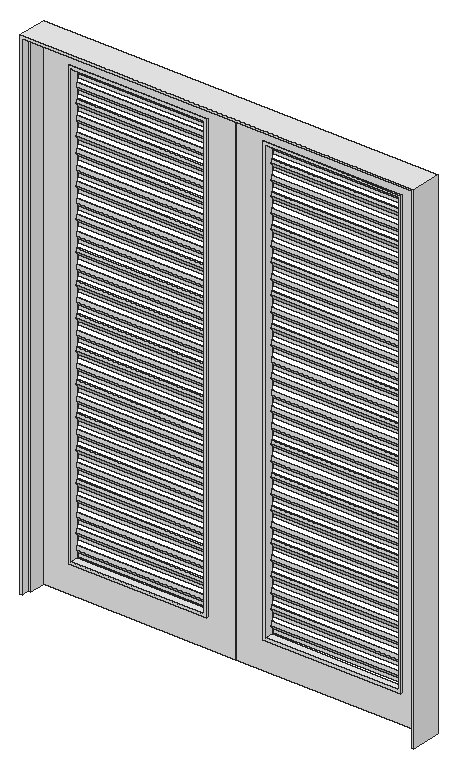
Revit family "DSP_A3-Full-Transformer-Door", category Doors, host Wall, Revit 2016
Family settings
  Host = Wall
  Always vertical = Yes
  Cut with Voids When Loaded = No
  Shared = No
  Room Calculation Point = No
Parameters (values of type "Transormer Door")
  Panel Width = (Width / 2) - 10 mm  # 790 mm
  Panel Material = Aluminum Panel
  Panel Height = Height - 10 mm  # 2022 mm
  Louvre Material = Aluminum Panel
  Height = 2032 mm
  Wall Closure = By host
  Width = 1600 mm
  Function = Interior
  Frame Material = Steel
  Assembly Code = "B2030900"
Reference planes
  plane 1 "Center": y = 0
  plane 2 "Center (Left/Right)": x = 0
  plane 3 "Left": x = -800
  plane 4 "Right": x = 800
  plane 5: z = 2032
  plane 6 "Exterior": y = 75
  plane 7 "Interior": y = -75
  plane 8: y = 30
  plane 9: y = 45
  plane 10: x = 790
  plane 11: x = -790
  plane 12: x = 395
  plane 13: x = -395
Forms (mm)
  Sweep 1, solid, material "Steel" <- "Frame Material"
    path origin (0, 0, 0) x (1, 0, 0) y (0, 0, 1)
      loop
        line (800, 0) -> (800, 2032) -> (-800, 2032) -> (-800, 0)
    profile origin (0, 0, 2032) x (0, 0, -1) y (0, -1, 0)
      loop
        line (0, -60) -> (10, -60) -> (10, -30) -> (20, -30) -> (20, 30) -> (10, 30) -> (10, 60) -> (0, 60) -> (0, -60)
Lines and regions (mm)
  Opening 1
    outline origin (-3050, -75, 0) x (1, 0, 0) y (0, 0, 1)
      loop
        line (2250, 0) -> (3850, 0) -> (3850, 2032) -> (2250, 2032) -> (2250, 0)
  symbolic lines, style "DoorsPanelProjection"
    curve 1: line (-790, 55, 0) -> (-790, 843.424, 0)
    curve 5: line (790, 55, 0) -> (790, 843.424, 0)
  symbolic lines, style "DoorsPanelProjection", detail levels medium+fine
    curve 2: line (-790, 843.424, 0) -> (-750, 843.424, 0)
    curve 3: line (-750, 843.424, 0) -> (-750, 35, 0)
    curve 6: line (790, 843.424, 0) -> (750, 843.424, 0)
    curve 7: line (750, 843.424, 0) -> (750, 35, 0)
  symbolic lines, style "Plan Swing"
    curve 4: arc (-1.576, 55, 0) -> (-232.5, 612.5, 0) -> (-790, 843.424, 0) r 788.424
    curve 8: arc (1.576, 55, 0) -> (232.5, 612.5, 0) -> (790, 843.424, 0) r 788.424
  symbolic lines, style "Elevation Swing"
    curve 9: line (790, 0, 2022) -> (0, 0, 1011)
    curve 10: line (0, 0, 1011) -> (790, 0, 0)
    curve 11: line (-790, 0, 2022) -> (0, 0, 1011)
    curve 12: line (-790, 0, 0) -> (0, 0, 1011)
Text (mm)
  text "Exterior" at (-2295.016, 1099.543, 0), in view "Ref. Level"
  text "Exterior" at (0, 1615.38, 3698.081), in view "Left"
  text "Exterior" at (0, 1036.032, 3874.932), in view "Right"
Dimensions and locks
  equal spacing: plane 3 "Left", plane 2 "Center (Left/Right)", plane 4 "Right"
  "Width": plane 3 "Left" to plane 4 "Right"
  "Height": plane 5 to host wall
  locked: plane 6 "Exterior" to host wall at 0
  locked: plane 7 "Interior" to host wall
  locked: Sweep 1 sketch curve to Sweep 1 sketch curve at 30  (x2)
  locked: Sweep 1 sketch curve to Sweep 1 sketch curve at 10  (x2)
  locked: Sweep 1 sketch curve to Sweep 1 sketch curve at 60
  locked: plane 1 "Center" to plane 8 at 30
  locked: plane 8 to plane 9 at 15
  locked: plane 3 "Left" to plane 11 at 10
  locked: plane 10 to plane 4 "Right" at 10
  equal spacing: plane 2 "Center (Left/Right)", plane 12, plane 10
  equal spacing: plane 11, plane 13, plane 2 "Center (Left/Right)"
  aligned and locked: plane 3 "Left" to Opening 1 sketch curve
  aligned and locked: plane 5 to Opening 1 sketch curve  (x2)
  aligned and locked: Opening 1 sketch curve to plane 4 "Right"
  aligned and locked: Opening 1 sketch curve to level
  aligned and locked: plane 1 "Center" to host wall
  aligned and locked: level to Sweep 1 sketch curve  (x2)
  aligned and locked: plane 5 to Sweep 1 sketch curve
  aligned and locked: plane 4 "Right" to Sweep 1 sketch curve
  aligned and locked: Sweep 1 sketch curve to plane 3 "Left"
  aligned and locked: Sweep 1 sketch curve to profile plane
  aligned and locked: Sweep 1 sketch curve to Sweep 1 sketch curve
  aligned and locked: nested 1 to plane 9
  aligned and locked: nested 2 to plane 9
  aligned and locked: nested 2 to plane 13
  aligned and locked: nested 1 to plane 12
  aligned and locked: curve 1 to curve 4
  aligned and locked: curve 5 to curve 8
Automatic sketch dimensions
  Sweep 1 sketch curve to plane 1 "Center" = 60 mm
  curve 1 to plane 11 = 0 mm
  curve 5 to plane 10 = 0 mm
  curve 4 to curve 3 = 40 mm
  curve 4 to plane 2 "Center (Left/Right)" = 1.576 mm
  plane 2 "Center (Left/Right)" to curve 8 = 1.576 mm
  curve 7 to curve 8 = 40 mm
  curve 7 to plane 8 = 5 mm
  curve 3 to plane 8 = 5 mm
  curve 8 to plane 9 = 10 mm
  curve 5 to curve 8 = 0 mm
  curve 1 to plane 9 = 10 mm
  curve 4 to curve 1 = 0 mm
  curve 12 to level = 0 mm
  curve 12 to plane 11 = 0 mm
  curve 11 to plane 11 = 0 mm
  curve 10 to plane 2 "Center (Left/Right)" = 0 mm
  curve 10 to level = 0 mm
  curve 10 to plane 10 = 0 mm
  curve 9 to plane 10 = 0 mm
  level to curve 10 = 1011 mm
  plane 5 to curve 11 = 10 mm
  plane 5 to curve 9 = 10 mm
Nested families
  nested 1: "Panel Louvre" at (395, 45, 0) x (-1, 0, 0) z (0, 0, 1), type "Panel Louvre"
  nested 2: "Panel Louvre" at (-395, 45, 0) x (-1, 0, 0) z (0, 0, 1), type "Panel Louvre"
Definition of nested family "Panel Louvre"
  Parameters
    length = Height - (120 mm + 100 mm)  # 1802 mm
    Width = 790 mm
    Thickness = 20 mm
    Material 2 = none
    Material 1 = none
    Louvre = Width - 250 mm  # 540 mm
    Height = 2022 mm
    Assembly Code = ""
    Array = length / 60 mm  # 30
  Reference planes
    plane 1 "Center (Front/Back)": y = 0
    plane 2: z = 0
    plane 3 "Center (Left/Right)": x = 0
    plane 4: z = 2022
    plane 5: x = -395
    plane 6: y = 10
    plane 7: y = -10
    plane 8: x = 395
    plane 9: z = 1922
    plane 10: z = 120
    plane 11: x = -275
    plane 12: x = 275
    plane 13: z = 1917
    plane 14: z = 175
  Forms (mm)
    Extrusion 1, solid, material <- "Material 2"
      sketch origin (0, 0, 0) x (1, 0, 0) y (0, 1, 0)
        loop
          line (-395, 10) -> (-395, -10) -> (395, -10) -> (395, 10) -> (-395, 10)
      from 0 to 2022
    Extrusion 2, void
      sketch origin (0, 0, 0) x (1, 0, 0) y (0, 0, 1)
        loop
          line (-275, 1922) -> (-275, 120) -> (275, 120) -> (275, 1922) -> (-275, 1922)
      from -10 to 10
    Sweep 3, solid, material <- "Material 1"
      path origin (0, 0, 0) x (1, 0, 0) y (0, 0, 1)
        loop
          line (-275, 1922) -> (-275, 120) -> (275, 120) -> (275, 1922) -> (-275, 1922)
      profile origin (0, 0, 1922) x (0, 0, 1) y (0, -1, 0)
        loop
          line (0, -10) -> (0, 10) -> (5, 10) -> (5, 15) -> (-5, 15) -> (-5, -15) -> (5, -15) -> (5, -10) -> (0, -10)
  Cuts and joins
    Extrusion 2 cuts Extrusion 1
  Dimensions and locks
    equal spacing: plane 5, plane 3 "Center (Left/Right)", plane 8
    "Width": plane 5 to plane 8
    equal spacing: plane 6, plane 1 "Center (Front/Back)", plane 7
    "Thickness": plane 6 to plane 7
    "Height": plane 4 to level
    locked: Sweep 3 sketch curve to Sweep 3 sketch curve at 5  (x3)
    locked: Sweep 3 sketch curve to Sweep 3 sketch curve at 10
    locked: plane 10 to level at 120
    locked: plane 11 to plane 5 at 120
    locked: plane 8 to plane 12 at 120
    "length": plane 9 to plane 10
    locked: plane 9 to plane 13 at 5
    equal spacing: group 1, group 3, group 4, group 5, group 6, group 7, group 8, group 9, group 10, group 11, group 12, group 13, group 14, group 15, group 16, group 17, group 18, group 19, group 20, group 21, group 22, group 23, group 24, group 25, group 26, group 27, group 28, group 29, group 30, group 2  (x2)
    equal spacing: group 2, group 30, group 29, group 28, group 27, group 26, group 25, group 24, group 23, group 22, group 21, group 20, group 19, group 18, group 17, group 16, group 15, group 14, group 13, group 12, group 11, group 10, group 9, group 8, group 7, group 6, group 5, group 4, group 3, group 1
    locked: plane 14 to plane 10 at 55
    aligned and locked: plane 5 to Extrusion 1 sketch curve
    aligned and locked: Extrusion 1 sketch curve to plane 6
    aligned and locked: plane 7 to Extrusion 1 sketch curve
    aligned and locked: plane 8 to Extrusion 1 sketch curve
    aligned and locked: plane 4 to Extrusion 1
    aligned and locked: Extrusion 1 to level
    aligned and locked: plane 6 to Extrusion 2
    aligned and locked: plane 7 to Extrusion 2
    aligned and locked: cut or joined group of Extrusion 1, Extrusion 2 to Sweep 3 sketch curve
    aligned and locked: Sweep 3 sketch curve to cut or joined group of Extrusion 1, Extrusion 2  (x4)
    aligned and locked: plane 6 to Sweep 3 sketch curve
    aligned and locked: Sweep 3 sketch curve to Sweep 3 sketch curve
    aligned and locked: plane 3 "Center (Left/Right)" to nested 1
    aligned and locked: plane 13 to nested 1
    aligned and locked: plane 7 to nested 1
    aligned and locked: plane 3 "Center (Left/Right)" to nested 2
    aligned and locked: cut or joined group of Extrusion 1, Extrusion 2 to nested 2
    aligned and locked: plane 14 to nested 2
    aligned and locked: Extrusion 2 sketch curve to plane 9
    aligned and locked: Extrusion 2 sketch curve to plane 12
    aligned and locked: plane 10 to Extrusion 2 sketch curve
    aligned and locked: plane 11 to Extrusion 2 sketch curve
  Automatic sketch dimensions
    Sweep 3 sketch curve to profile plane = 0 mm
  Nested families
    nested 1: "Door Louvre" at (16.893, -10, 1252.212), type "Door Louvre"
      with Width 540 mm
    nested 2: "Door Louvre" at (16.893, -10, -489.788), type "Door Louvre"
      with Width 540 mm
    nested 3: "Door Louvre" at (16.893, -10, 1192.143), type "Door Louvre"
      with Width 540 mm
    nested 4: "Door Louvre" at (16.893, -10, 1132.074), type "Door Louvre"
      with Width 540 mm
    nested 5: "Door Louvre" at (16.893, -10, 1072.005), type "Door Louvre"
      with Width 540 mm
    nested 6: "Door Louvre" at (16.893, -10, 1011.936), type "Door Louvre"
      with Width 540 mm
    nested 7: "Door Louvre" at (16.893, -10, 951.867), type "Door Louvre"
      with Width 540 mm
    nested 8: "Door Louvre" at (16.893, -10, 891.798), type "Door Louvre"
      with Width 540 mm
    nested 9: "Door Louvre" at (16.893, -10, 831.729), type "Door Louvre"
      with Width 540 mm
    nested 10: "Door Louvre" at (16.893, -10, 771.66), type "Door Louvre"
      with Width 540 mm
    nested 11: "Door Louvre" at (16.893, -10, 711.591), type "Door Louvre"
      with Width 540 mm
    nested 12: "Door Louvre" at (16.893, -10, 651.522), type "Door Louvre"
      with Width 540 mm
    nested 13: "Door Louvre" at (16.893, -10, 591.453), type "Door Louvre"
      with Width 540 mm
    nested 14: "Door Louvre" at (16.893, -10, 531.384), type "Door Louvre"
      with Width 540 mm
    nested 15: "Door Louvre" at (16.893, -10, 471.315), type "Door Louvre"
      with Width 540 mm
    nested 16: "Door Louvre" at (16.893, -10, 411.246), type "Door Louvre"
      with Width 540 mm
    nested 17: "Door Louvre" at (16.893, -10, 351.177), type "Door Louvre"
      with Width 540 mm
    nested 18: "Door Louvre" at (16.893, -10, 291.108), type "Door Louvre"
      with Width 540 mm
    nested 19: "Door Louvre" at (16.893, -10, 231.039), type "Door Louvre"
      with Width 540 mm
    nested 20: "Door Louvre" at (16.893, -10, 170.97), type "Door Louvre"
      with Width 540 mm
    nested 21: "Door Louvre" at (16.893, -10, 110.901), type "Door Louvre"
      with Width 540 mm
    nested 22: "Door Louvre" at (16.893, -10, 50.832), type "Door Louvre"
      with Width 540 mm
    nested 23: "Door Louvre" at (16.893, -10, -9.237), type "Door Louvre"
      with Width 540 mm
    nested 24: "Door Louvre" at (16.893, -10, -69.306), type "Door Louvre"
      with Width 540 mm
    nested 25: "Door Louvre" at (16.893, -10, -129.375), type "Door Louvre"
      with Width 540 mm
    nested 26: "Door Louvre" at (16.893, -10, -189.444), type "Door Louvre"
      with Width 540 mm
    nested 27: "Door Louvre" at (16.893, -10, -249.512), type "Door Louvre"
      with Width 540 mm
    nested 28: "Door Louvre" at (16.893, -10, -309.581), type "Door Louvre"
      with Width 540 mm
    nested 29: "Door Louvre" at (16.893, -10, -369.65), type "Door Louvre"
      with Width 540 mm
    nested 30: "Door Louvre" at (16.893, -10, -429.719), type "Door Louvre"
      with Width 540 mm
  Definition of nested family "Door Louvre"
    Parameters
      Width = 993.787 mm
      Material = none
    Reference planes
      plane 1 "Center (Front/Back)": y = 0
      plane 2: z = 0
      plane 3 "Center (Left/Right)": x = -16.893
      plane 4: x = -513.787
      plane 5: x = 480
      plane 6: z = 664.788
    Forms (mm)
      Sweep 1, solid, material <- "Material"
        path origin (0, 0, 0) x (1, 0, 0) y (0, 0, 1)
          loop
            line (-513.787, 664.788) -> (480, 664.788)
        profile origin (-16.893, 0, 664.788) x (0, 0, 1) y (0, -1, 0)
          loop
            line (0, 0) -> (0, 3) -> (-15.697, 3) -> (-34.731, 18.971) -> (-50, 18.971) -> (-50, 15.971) -> (-35.822, 15.971) -> (-16.789, 0) -> (0, 0)
    Dimensions and locks
      equal spacing: plane 4, plane 3 "Center (Left/Right)", plane 5
      "Width": plane 4 to plane 5
      aligned and locked: plane 4 to Sweep 1 sketch curve
      aligned and locked: Sweep 1 sketch curve to plane 6
      aligned and locked: plane 5 to Sweep 1 sketch curve
      aligned and locked: Sweep 1 sketch curve to profile plane  (x2)
    Automatic sketch dimensions
      plane 1 "Center (Front/Back)" to Sweep 1 sketch curve = 3 mm
      profile plane to Sweep 1 sketch curve = 15.697 mm
      Sweep 1 sketch curve to Sweep 1 sketch curve = 1.092 mm  (x2)
      Sweep 1 sketch curve to Sweep 1 sketch curve = 19.033 mm
      Sweep 1 sketch curve to Sweep 1 sketch curve = 14.178 mm
      plane 1 "Center (Front/Back)" to Sweep 1 sketch curve = 15.971 mm
      Sweep 1 sketch curve to Sweep 1 sketch curve = 3 mm
